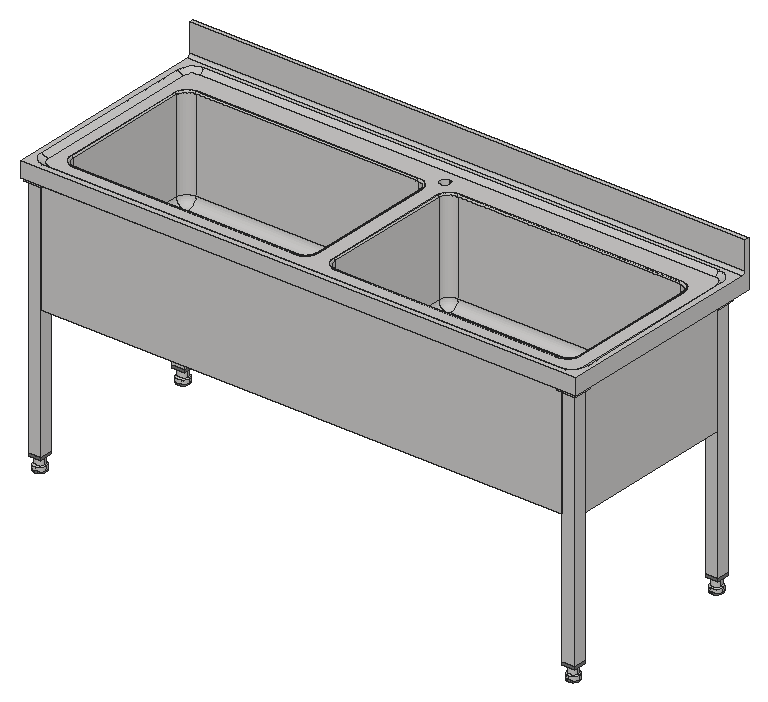
Revit family "QF_ZANUSSI_132816_VLP1802SPN", category Attrezzature speciali, Revit 2020
Family settings
  Quota connettore circolare = Usa diametro
  Tipo di parte = Normale
  Basato su piano di lavoro = No
  Sempre verticale = Sì
  Taglio con vuoti quando caricato = No
  Condiviso = No
  Punto di calcolo locali = No
Parameters (values of type "Standard")
  Weight = 72.00 kg
  Watts = 0 W
  Volts = 0 V
  URL Manufacturer = "http://www.zanussiprofessional.com"
  URL = "http://www.zanussiprofessional.com"
  Steam Supply Size = 0 mm
  Steam Supply Minimum Pressure = 0.0 Pa
  Steam Supply Maximum Pressure = 0.0 Pa
  Steam Consumption per Hour = 0
  Refrigeration Suction Line Size = 0.0 mm
  Refrigeration Liquid Line Size = 0.0 mm
  Refrigerant Compressor Remote = yes
  Prospetto di default = 0.0 mm
  Phase = 0
  Modello = "VLP1802SPN"
  Produttore = "Zanussi"
  Length Actual = 1800.0 mm  # constant formula
  Item Number = "132816"
  Hot Water Size = 0 mm
  Height Actual = 1000.0 mm  # constant formula
  HP = "0 HP"
  Gas Size = 0 mm
  Gas KW = 0
  Gas Input Pressure = 0 W
  Direct Waste Size = 50.8 mm
  Descrizione = "SOAKING SINK UNIT WITH 2 BOWLS (800X510X340MM), 1800MM"
  Depth Actual = 700.0 mm  # constant formula
  Cycle = 0 Hz
  Condensate Return Size = 0 mm
  Compressed Air Volume = 0.0 L/s
  Compressed Air Size = 0 mm
  Compressed Air Pressure = 0.0 Pa
  Cold Water Size = 0 mm
  Accessory = yes
Reference planes
  plane 1 "Center (Front/Back)": y = 0
  plane 2: z = 0
  plane 3 "LEFT": x = -1000
  plane 4 "RIGHT": x = 800
  plane 5 "BACK": y = 350
  plane 6 "FRONT": y = -350
  plane 7 "Base": z = 850
  plane 8 "TOP": z = 900
  plane 9 "Sink_Base": z = 608
  plane 10: z = 441
  plane 11 "PlaneGrid": z = 890
  plane 12: y = 246.5
  plane 13: y = 141
  plane 14 "Center (Left/Right)": x = -100
  plane 15: x = -205
  plane 16: x = 5
Forms (mm)
  Extrusion 1, solid, material "QF_Finishes_Stainless Steel"
    sketch origin (-100, 0, 0) x (0, 1, 0) y (0, 0, 1)
      loop
        line (-350, 850) -> (350, 850) -> (350, 1000) -> (337, 1000) -> (337, 910)
        arc (337, 910) -> (334.071, 902.929) -> (327, 900) r 10
        line (327, 900) -> (-350, 900) -> (-350, 850)
    from 900 to -900
  Extrusion 2, void
    sketch origin (-106.5, -23.5, 608) x (0, -1, 0) y (1, 0, 0)
      loop
        circle (-270, 6.5) r 16
    from 292 to 170.245
  Blend 3, void
    base sketch origin (0, 0, 900) x (0, 1, 0) y (-1, 0, 0)
      loop
        arc (312.89, 934.89) -> (298.832, 968.832) -> (264.89, 982.89) r 48
        line (264.89, 982.89) -> (-284.89, 982.89)
        arc (-284.89, 982.89) -> (-318.832, 968.832) -> (-332.89, 934.89) r 48
        line (-332.89, 934.89) -> (-332.89, -734.89)
        arc (-332.89, -734.89) -> (-318.832, -768.832) -> (-284.89, -782.89) r 48
        line (-284.89, -782.89) -> (264.89, -782.89)
        arc (264.89, -782.89) -> (298.832, -768.832) -> (312.89, -734.89) r 48
        line (312.89, -734.89) -> (312.89, 934.89)
    top sketch origin (0, 0, 900) x (0, 1, 0) y (-1, 0, 0)
      loop
        arc (-284.457, 964.457) -> (-305.67, 955.67) -> (-314.457, 934.457) r 30
        line (-314.457, 934.457) -> (-314.457, -734.985)
        arc (-314.457, -734.985) -> (-305.67, -756.198) -> (-284.457, -764.985) r 30
        line (-284.457, -764.985) -> (264.457, -764.985)
        arc (264.457, -764.985) -> (285.67, -756.198) -> (294.457, -734.985) r 30
        line (294.457, -734.985) -> (294.457, 934.457)
        arc (294.457, 934.457) -> (285.67, 955.67) -> (264.457, 964.457) r 30
        line (264.457, 964.457) -> (-284.457, 964.457)
    from 0 to -10
  Extrusion 4, void
    sketch origin (100, -25.02, 900) x (0, 1, 0) y (-1, 0, 0)
      loop
        arc (247.02, 986) -> (235.304, 1014.284) -> (207.02, 1026) r 40
        line (207.02, 1026) -> (-212.98, 1026)
        arc (-212.98, 1026) -> (-241.264, 1014.284) -> (-252.98, 986) r 40
        line (-252.98, 986) -> (-252.98, 264)
        arc (-252.98, 264) -> (-241.264, 235.716) -> (-212.98, 224) r 40
        line (-212.98, 224) -> (207.02, 224)
        arc (207.02, 224) -> (235.304, 235.716) -> (247.02, 264) r 40
        line (247.02, 264) -> (247.02, 986)
      loop
        line (-252.98, 136) -> (-252.98, -586)
        arc (-252.98, -586) -> (-241.264, -614.284) -> (-212.98, -626) r 40
        line (-212.98, -626) -> (207.02, -626)
        arc (207.02, -626) -> (235.304, -614.284) -> (247.02, -586) r 40
        line (247.02, -586) -> (247.02, 136)
        arc (247.02, 136) -> (235.304, 164.284) -> (207.02, 176) r 40
        line (207.02, 176) -> (-212.98, 176)
        arc (-212.98, 176) -> (-241.264, 164.284) -> (-252.98, 136) r 40
    from 63.904 to -121.755
Cuts and joins
  Extrusion 2, Blend 3, Extrusion 4 cuts Extrusion 1
Lines and regions (mm)
  symbolic lines
    curve 1: line (800, 350, 900) -> (-1000, 350, 900)
    curve 2: line (-1000, 350, 900) -> (-1000, -350, 900)
    curve 3: line (-1000, -350, 900) -> (800, -350, 900)
    curve 4: line (800, -350, 900) -> (800, 350, 900)
    curve 5: line (800, 337, 900) -> (-1000, 337, 900)
    curve 6: line (-982.89, -257.89, 900) -> (-982.89, 237.89, 900)
    curve 7: circle (-100, 246.5, 900) r 16 normal (0, 0, 1)
    curve 8: arc (-982.89, 264.89, 900) -> (-968.832, 298.832, 900) -> (-934.89, 312.89, 900) r 48
    curve 9: line (-934.89, 312.89, 900) -> (734.89, 312.89, 900)
    curve 10: line (-982.89, -284.89, 900) -> (-982.89, 264.89, 900)
    curve 11: arc (-934.89, -332.89, 900) -> (-968.832, -318.832, 900) -> (-982.89, -284.89, 900) r 48
    curve 12: line (734.89, -332.89, 900) -> (-934.89, -332.89, 900)
    curve 13: arc (782.89, -284.89, 900) -> (768.832, -318.832, 900) -> (734.89, -332.89, 900) r 48
    curve 14: line (782.89, 264.89, 900) -> (782.89, -284.89, 900)
    curve 15: arc (734.89, 312.89, 900) -> (768.832, 298.832, 900) -> (782.89, 264.89, 900) r 48
    curve 16: line (764.985, -284.457, 900) -> (764.985, 264.457, 900)
    curve 17: arc (764.985, 264.457, 900) -> (756.198, 285.67, 900) -> (734.985, 294.457, 900) r 30
    curve 18: line (734.985, 294.457, 900) -> (-934.457, 294.457, 900)
    curve 19: arc (-934.457, 294.457, 900) -> (-955.67, 285.67, 900) -> (-964.457, 264.457, 900) r 30
    curve 20: line (-964.457, 264.457, 900) -> (-964.457, -284.457, 900)
    curve 21: arc (-964.457, -284.457, 900) -> (-955.67, -305.67, 900) -> (-934.457, -314.457, 900) r 30
    curve 22: line (-934.457, -314.457, 900) -> (734.985, -314.457, 900)
    curve 23: arc (734.985, -314.457, 900) -> (756.198, -305.67, 900) -> (764.985, -284.457, 900) r 30
Dimensions and locks
  plane 3 "LEFT" to plane 4 "RIGHT" = 1800.0 mm  (x2)
  locked: plane 7 "Base" to level at 850
  locked: Extrusion 1 to level at 1000
  plane 8 "TOP" to level = 900.0 mm
  plane 5 "BACK" to plane 6 "FRONT" = 700.0 mm
  equal spacing: plane 5 "BACK", plane 1 "Center (Front/Back)", plane 6 "FRONT"
  plane 9 "Sink_Base" to level = 608.0 mm
  plane 10 to level = 441.0 mm
  locked: plane 5 "BACK" to plane 13 at 209
  aligned and locked: level to plane 2
  aligned and locked: curve 2 to plane 3 "LEFT"
Automatic sketch dimensions
  plane 6 "FRONT" to Blend 3 sketch curve = 17.11 mm
  Blend 3 sketch curve to Blend 3 sketch curve = 48.0 mm  (x3)
  plane 3 "LEFT" to Blend 3 sketch curve = 17.11 mm
  plane 6 "FRONT" to Blend 3 sketch curve = 65.11 mm
  Blend 3 sketch curve to plane 5 "BACK" = 37.11 mm
  Blend 3 sketch curve to plane 4 "RIGHT" = 65.11 mm
  curve 3 to plane 4 "RIGHT" = 0.0 mm
  curve 3 to plane 6 "FRONT" = 0.0 mm
  curve 4 to plane 5 "BACK" = 0.0 mm
  curve 5 to plane 5 "BACK" = 13.0 mm
  plane 6 "FRONT" to curve 6 = 92.11 mm
  plane 3 "LEFT" to curve 6 = 17.11 mm
  plane 6 "FRONT" to Blend 3 sketch curve = 35.543 mm
  Blend 3 sketch curve to Blend 3 sketch curve = 30.0 mm  (x3)
  Blend 3 sketch curve to plane 4 "RIGHT" = 35.015 mm
  plane 3 "LEFT" to Blend 3 sketch curve = 65.543 mm
  curve 9 to plane 5 "BACK" = 37.11 mm
  curve 8 to curve 6 = 48.0 mm
  curve 10 to curve 6 = 27.0 mm
  curve 11 to curve 11 = 48.0 mm
  curve 12 to plane 4 "RIGHT" = 65.11 mm
  curve 13 to curve 13 = 48.0 mm
  curve 15 to curve 16 = 17.905 mm
  curve 17 to curve 15 = 0.095 mm
  curve 13 to curve 16 = 0.433 mm
  curve 18 to curve 8 = 0.433 mm
  curve 19 to curve 8 = 0.433 mm
  curve 11 to curve 20 = 0.433 mm
  curve 21 to curve 11 = 0.433 mm
  curve 22 to curve 13 = 0.095 mm
  plane 6 "FRONT" to Extrusion 4 sketch curve = 72.0 mm  (x2)
  Extrusion 4 sketch curve to Extrusion 4 sketch curve = 40.0 mm  (x5)
  Extrusion 4 sketch curve to Extrusion 4 sketch curve = 0.0 mm  (x2)
  Extrusion 4 sketch curve to plane 4 "RIGHT" = 114.0 mm
  plane 3 "LEFT" to Extrusion 4 sketch curve = 114.0 mm
  curve 19 to curve 18 = 30.0 mm
  curve 17 to curve 17 = 30.0 mm
  curve 7 to plane 5 "BACK" = 103.5 mm
  curve 6 to curve 8 = 27.0 mm
  Extrusion 2 sketch curve to plane 5 "BACK" = 103.5 mm
  Blend 3 sketch curve to plane 5 "BACK" = 85.543 mm  (x2)
  Extrusion 4 sketch curve to plane 12 = 64.5 mm  (x3)
  Extrusion 4 sketch curve to Extrusion 4 sketch curve = 48.0 mm
  curve 15 to curve 7 = 834.89 mm
  Extrusion 2 sketch curve to plane 4 "RIGHT" = 900.0 mm
  Extrusion 4 sketch curve to plane 4 "RIGHT" = 836.0 mm
  Extrusion 1 sketch curve to plane 6 "FRONT" = 0.0 mm
  Extrusion 1 sketch curve to plane 8 "TOP" = 0.0 mm
  Extrusion 1 sketch curve to plane 5 "BACK" = 0.0 mm
  Extrusion 1 sketch curve to plane 7 "Base" = 0.0 mm
  plane 8 "TOP" to Extrusion 1 sketch curve = 10.0 mm
  Extrusion 1 sketch curve to plane 5 "BACK" = 23.0 mm
  Extrusion 1 sketch curve to Extrusion 1 sketch curve = 90.0 mm
  radius of Extrusion 2 sketch curve = 16.0 mm
  radius of curve 7 = 16.0 mm
Nested families
  nested 1: "SINK_Vasca80x50_T3_DEEP" at (-524.949, -28, 0), type "SINK_Vasca80x50_T3_DEEP"
  nested 2: "SINK_Vasca80x50_T3_DEEP" at (324.949, -28, 0) x (-1, 0, 0) z (0, 0, 1), type "SINK_Vasca80x50_T3_DEEP"
  nested 3: "TAV_W1800_CASSH" at (-250, 0, 0), type "TAV_W1800_CASSH"
Connectors
  piping at (-205, 141, 528.5), diameter 30
    settings: on nested 1, index 1, connector inside diameter 609.6 mm, connector length 0.0 mm, flow factor 0, pipe flow 0.0 L/s, pressure drop 0.0 Pa, fitting loss kfactor 0, connector angle 0.00°, fixture units 0, engagement length 0.0 mm, angle of deflection 0.00°, flow configuration 1, flow direction 2, fitting loss method 0, system type 16, joint type 0, gender type 0, connector reference index -1, connector utility 0, adjustable connector no, is connector primary yes, connector description "Drain 1"
  piping at (5, 141, 528.5), diameter 30
    settings: on nested 2, index 2, connector inside diameter 609.6 mm, connector length 0.0 mm, flow factor 0, pipe flow 0.0 L/s, pressure drop 0.0 Pa, fitting loss kfactor 0, connector angle 0.00°, fixture units 0, engagement length 0.0 mm, angle of deflection 0.00°, flow configuration 1, flow direction 2, fitting loss method 0, system type 16, joint type 0, gender type 0, connector reference index -1, connector utility 0, adjustable connector no, is connector primary no, connector description "Drain 2"
Definition of nested family "SINK_Vasca80x50_T3_DEEP"
  Parameters
    Width = 800.0 mm
    ScaricoY = 80.0 mm
    ScaricoX = 80.0 mm
    Default Elevation = 0.0 mm
    Height_Top = 900.0 mm
    FEET = 850.0 mm
    Depth = 500.0 mm
  Reference planes
    plane 1 "Center (Front/Back)": y = 0
    plane 2: z = 0
    plane 3 "Center (Left/Right)": x = 0
    plane 4 "Top": z = 900
    plane 5 "Left": x = -400
    plane 6 "Right": x = 400
    plane 7 "Back": y = 250
    plane 8 "Front": y = -250
    plane 9 "BaseVasca": z = 558
    plane 10: y = 169
    plane 11: x = 319.949
  Forms (mm)
    Sweep 1, solid
      path origin (1.49, 0, 900) x (-1, 0, 0) y (0, -1, 0)
        loop
          line (-398.51, 210) -> (-398.51, -210)
          arc (-398.51, -210) -> (-386.794, -238.284) -> (-358.51, -250) r 40
          line (-358.51, -250) -> (360.416, -250)
          arc (360.416, -250) -> (389.46, -237.97) -> (401.49, -208.926) r 41.074
          line (401.49, -208.926) -> (401.49, 209.721)
          arc (401.49, 209.721) -> (389.693, 238.203) -> (361.211, 250) r 40.279
          line (361.211, 250) -> (-358.51, 250)
          arc (-358.51, 250) -> (-386.794, 238.284) -> (-398.51, 210) r 40
      profile origin (400, 0, 900) x (-1, 0, 0) y (0, 0, 1)
        loop
          arc (5, -15) -> (3.536, -11.464) -> (0, -10) r 5
          line (0, -10) -> (0, -11.5)
          arc (0, -11.5) -> (2.475, -12.525) -> (3.5, -15) r 3.5
          line (3.5, -15) -> (3.5, -310.5)
          arc (3.5, -310.5) -> (12.726, -332.774) -> (35, -342) r 31.5
          line (35, -342) -> (35, -340.5)
          arc (35, -340.5) -> (13.787, -331.713) -> (5, -310.5) r 30
          line (5, -310.5) -> (5, -15)
    Revolve 2, solid
      sketch origin (319.949, -10, 0) x (0, 1, 0) y (0, 0, 1)
        loop
          line (195.5, 542.617) -> (207.058, 549.84) -> (207.058, 558) -> (205.558, 558) -> (205.558, 550.671) -> (194, 543.449) -> (194, 528.5) -> (195.5, 528.5) -> (195.5, 542.617)
        axis (179, 558) -> (179, 528.5)
      angle from 0 to 360
    Extrusion 3, solid
      sketch origin (49, 0, 558) x (0, -1, 0) y (1, 0, 0)
        loop
          line (-215, 311) -> (-215, -407.926)
          arc (-215, -407.926) -> (-213.221, -412.221) -> (-208.926, -414) r 6.074
          line (-208.926, -414) -> (209.721, -414)
          arc (209.721, -414) -> (213.454, -412.454) -> (215, -408.721) r 5.279
          line (215, -408.721) -> (215, 311)
          arc (215, 311) -> (213.536, 314.536) -> (210, 316) r 5
          line (210, 316) -> (-210, 316)
          arc (-210, 316) -> (-213.536, 314.536) -> (-215, 311) r 5
      from 0 to 1.5
    Extrusion 4, void
      sketch origin (0, 0, 558) x (0, -1, 0) y (1, 0, 0)
        loop
          circle (-169, 319.949) r 28
      from -140.513 to 32.144
  Cuts and joins
    Extrusion 4 cuts Sweep 1
    Extrusion 4 cuts Extrusion 3
    joined: Sweep 1, Extrusion 3
  Lines and regions (mm)
    symbolic lines
      curve 1: circle (319.949, 169.058, 0) r 16.5 normal (0, 0, -1)
      curve 2: arc (-360, 250, 0) -> (-388.284, 238.284, 0) -> (-400, 210, 0) r 40
      curve 3: arc (-400, -210, 0) -> (-388.284, -238.284, 0) -> (-360, -250, 0) r 40
      curve 4: line (-400, 210, 0) -> (-400, -210, 0)
      curve 5: line (-360, -250, 0) -> (360, -250, 0)
      curve 6: line (360, 250, 0) -> (-360, 250, 0)
      curve 7: arc (360, -250, 0) -> (388.284, -238.284, 0) -> (400, -210, 0) r 40
      curve 8: arc (400, 210, 0) -> (388.284, 238.284, 0) -> (360, 250, 0) r 40
      curve 9: line (400, 210, 0) -> (400, -210, 0)
  Dimensions and locks
    equal spacing: plane 5 "Left", plane 3 "Center (Left/Right)", plane 6 "Right"
    "Width": plane 5 "Left" to plane 6 "Right"
    equal spacing: plane 7 "Back", plane 1 "Center (Front/Back)", plane 8 "Front"
    "Depth": plane 7 "Back" to plane 8 "Front"
    "Height_Top": plane 4 "Top" to level
    plane 9 "BaseVasca" to level = 558.0 mm
    aligned and locked: level to plane 2
  Automatic sketch dimensions
    curve 4 to plane 5 "Left" = 0.0 mm
    curve 6 to plane 7 "Back" = 0.0 mm
    curve 3 to plane 8 "Front" = 0.0 mm
    curve 1 to plane 11 = 0.0 mm
    curve 7 to plane 6 "Right" = 0.0 mm
    curve 4 to curve 3 = 40.0 mm
    plane 5 "Left" to curve 6 = 40.0 mm
    curve 6 to plane 6 "Right" = 40.0 mm
    curve 5 to plane 6 "Right" = 40.0 mm
    plane 10 to curve 1 = 0.058 mm
    Sweep 1 sketch curve to plane 6 "Right" = 0.0 mm
    Sweep 1 sketch curve to plane 8 "Front" = 0.0 mm
    Sweep 1 sketch curve to plane 7 "Back" = 0.0 mm
    Sweep 1 sketch curve to plane 5 "Left" = 0.0 mm
    Sweep 1 sketch curve to Sweep 1 sketch curve = 40.0 mm  (x2)
    plane 10 to Sweep 1 sketch curve = 39.926 mm
    plane 5 "Left" to Sweep 1 sketch curve = 40.279 mm
    Sweep 1 sketch curve to Sweep 1 sketch curve = 0.0 mm  (x4)
    Sweep 1 sketch curve to profile plane = 0.0 mm
    Sweep 1 sketch curve to profile plane = 3.5 mm
    Sweep 1 sketch curve to Sweep 1 sketch curve = 1.5 mm
    Sweep 1 sketch curve to Sweep 1 sketch curve = 30.0 mm
    Sweep 1 sketch curve to plane 4 "Top" = 342.0 mm
    Sweep 1 sketch curve to plane 4 "Top" = 15.0 mm
    Revolve 2 sketch curve to plane 10 = 0.0 mm
    plane 9 "BaseVasca" to Revolve 2 sketch curve = 0.0 mm
    plane 10 to Revolve 2 sketch curve = 15.0 mm
    Revolve 2 sketch curve to Revolve 2 sketch curve = 1.5 mm  (x2)
    Revolve 2 sketch curve to Revolve 2 sketch curve = 10.058 mm
    plane 9 "BaseVasca" to Revolve 2 sketch curve = 7.329 mm
    Revolve 2 sketch curve to Revolve 2 sketch curve = 0.831 mm  (x2)
    Revolve 2 sketch curve to Revolve 2 sketch curve = 7.222 mm
    Revolve 2 sketch curve to Revolve 2 sketch curve = 14.117 mm
    Revolve 2 sketch curve to Revolve 2 sketch curve = 22.0 mm
    Revolve 2 sketch curve to plane 9 "BaseVasca" = 88.5 mm
    Extrusion 4 sketch curve to plane 10 = 0.0 mm
    Extrusion 4 sketch curve to plane 11 = 0.0 mm
    Extrusion 3 sketch curve to plane 7 "Back" = 35.0 mm
    Extrusion 3 sketch curve to Extrusion 3 sketch curve = 6.074 mm
    plane 5 "Left" to Extrusion 3 sketch curve = 35.0 mm
    Extrusion 3 sketch curve to Extrusion 3 sketch curve = 5.0 mm
    plane 8 "Front" to Extrusion 3 sketch curve = 40.0 mm
    Extrusion 3 sketch curve to Extrusion 3 sketch curve = 5.279 mm
    Extrusion 3 sketch curve to plane 6 "Right" = 40.0 mm  (x2)
    radius of curve 1 = 16.5 mm
    radius of Extrusion 4 sketch curve = 28.0 mm
Definition of nested family "TAV_W1800_CASSH"
  Parameters
    Default Elevation = 0.0 mm
    Model = "TAV_W1800_CASSH"
    Manufacturer = "Electrolux Professional"
    Description = ""
  Reference planes
    plane 1 "Center (Front/Back)": y = 0
    plane 2: z = 0
    plane 3 "Center (Left/Right)": x = 150
    plane 4 "LEFT": x = -750
    plane 5 "RIGHT": x = 1050
    plane 6 "BACK": y = 350
    plane 7 "FRONT": y = -350
    plane 8 "Base": z = 850
    plane 9 "TOP": z = 900
    plane 10: x = -714.5
    plane 11: x = 1014.5
    plane 12: y = 265.5
    plane 13: y = -314.5
    plane 14: x = -694.5
    plane 15: x = 994.5
    plane 16 "RIPIANO": z = 200
  Forms (mm)
    Extrusion 1, solid
      sketch origin (0, 0.5, 850) x (0, 1, 0) y (-1, 0, 0)
        loop
          line (245, 734.5) -> (-295, 734.5) -> (-295, 733) -> (245, 733) -> (245, 734.5)
        loop
          line (-295, -1034.5) -> (285, -1034.5) -> (285, -1033) -> (-295, -1033) -> (-295, -1034.5)
        loop
          line (-335, 694.5) -> (-335, -994.5) -> (-333.5, -994.5) -> (-333.5, 694.5) -> (-335, 694.5)
      from -10 to -370
    Extrusion 2, solid
      sketch origin (-4.534, 0, 850) x (0, 1, 0) y (-1, 0, 0)
        loop
          line (235.5, 729.966) -> (-284.5, 729.966) -> (-284.5, 689.966) -> (235.5, 689.966) -> (235.5, 729.966)
        loop
          line (-334.506, 679.966) -> (-334.506, -989.034) -> (-294.506, -989.034) -> (-294.506, 679.966) -> (-334.506, 679.966)
        loop
          line (-284.5, -1039.034) -> (235.5, -1039.034) -> (235.5, -999.034) -> (-284.5, -999.034) -> (-284.5, -1039.034)
        loop
          line (285.5, 679.966) -> (245.5, 679.966) -> (245.5, -989.034) -> (285.5, -989.034) -> (285.5, 679.966)
      from 0 to -10
  Lines and regions (mm)
    symbolic lines, detail levels coarse
      curve 1: line (-750, 350, 200) -> (1050, 350, 200)
      curve 2: line (-750, -350, 200) -> (-750, 350, 200)
      curve 3: line (1050, -350, 200) -> (-750, -350, 200)
      curve 4: line (1050, 350, 200) -> (1050, -350, 200)
  Dimensions and locks
    plane 4 "LEFT" to plane 5 "RIGHT" = 1800.0 mm
    equal spacing: plane 4 "LEFT", plane 3 "Center (Left/Right)", plane 5 "RIGHT"
    locked: plane 8 "Base" to level at 850
    plane 4 "LEFT" to plane 10 = 35.5 mm
    plane 11 to plane 5 "RIGHT" = 35.5 mm
    plane 10 to plane 11 = 1729.0 mm
    plane 9 "TOP" to level = 900.0 mm
    plane 6 "BACK" to plane 12 = 84.5 mm
    plane 13 to plane 7 "FRONT" = 35.5 mm
    plane 6 "BACK" to plane 7 "FRONT" = 700.0 mm
    plane 12 to plane 13 = 580.0 mm
    equal spacing: plane 6 "BACK", plane 1 "Center (Front/Back)", plane 7 "FRONT"
    locked: plane 14 to plane 4 "LEFT" at 55.5
    locked: plane 5 "RIGHT" to plane 15 at 55.5
    plane 16 "RIPIANO" to level = 200.0 mm
    plane 2 to plane 16 "RIPIANO" to plane 8 "Base" = 200.0 mm, 650.0 mm
    aligned and locked: level to plane 2
    aligned and locked: plane 10 to nested 1
    aligned and locked: nested 1 to plane 13
    aligned and locked: plane 11 to nested 2
    aligned and locked: nested 2 to plane 13
    aligned and locked: plane 11 to nested 4
    aligned and locked: nested 4 to plane 12
    aligned and locked: plane 10 to nested 3
    aligned and locked: nested 3 to plane 12
    aligned and locked: plane 14 to Extrusion 1 sketch curve
    aligned and locked: Extrusion 1 sketch curve to plane 15
    aligned and locked: Extrusion 1 to Extrusion 2
  Automatic sketch dimensions
    plane 7 "FRONT" to Extrusion 1 sketch curve = 15.5 mm
    plane 13 to Extrusion 1 sketch curve = 20.0 mm  (x2)
    plane 4 "LEFT" to Extrusion 1 sketch curve = 15.5 mm
    Extrusion 1 sketch curve to plane 5 "RIGHT" = 15.5 mm
    Extrusion 1 sketch curve to Extrusion 1 sketch curve = 1.5 mm  (x3)
    Extrusion 1 sketch curve to plane 6 "BACK" = 104.5 mm
    Extrusion 1 sketch curve to plane 6 "BACK" = 64.5 mm
    plane 15 to Extrusion 2 sketch curve = 10.0 mm  (x2)
    plane 7 "FRONT" to Extrusion 2 sketch curve = 15.494 mm
    plane 13 to Extrusion 2 sketch curve = 19.994 mm
    Extrusion 2 sketch curve to plane 5 "RIGHT" = 15.5 mm
    plane 13 to Extrusion 2 sketch curve = 30.0 mm  (x2)
    Extrusion 2 sketch curve to plane 14 = 0.0 mm
    Extrusion 2 sketch curve to plane 12 = 30.0 mm  (x2)
    Extrusion 2 sketch curve to plane 12 = 20.0 mm
    plane 12 to Extrusion 2 sketch curve = 20.0 mm
    Extrusion 2 sketch curve to plane 15 = 0.0 mm
    Extrusion 2 sketch curve to plane 14 = 10.0 mm  (x2)
    Extrusion 2 sketch curve to plane 10 = 20.0 mm
    curve 3 to plane 4 "LEFT" = 0.0 mm
    curve 3 to plane 7 "FRONT" = 0.0 mm
    curve 2 to plane 6 "BACK" = 0.0 mm
    curve 1 to plane 5 "RIGHT" = 0.0 mm
  Nested families
    nested 1: "FEET_40x40_TAV" at (-714.5, -314.5, 0), type "FEET_40x40_TAV"
    nested 2: "FEET_40x40_TAV" at (1014.5, -314.5, 0), type "FEET_40x40_TAV"
    nested 3: "FEET_40x40_TAV" at (-714.5, 265.5, 0), type "FEET_40x40_TAV"
    nested 4: "FEET_40x40_TAV" at (1014.5, 265.5, 0), type "FEET_40x40_TAV"
  Definition of nested family "FEET_40x40_TAV"
    Parameters
      Default Elevation = 0.0 mm
      FEET = 850.0 mm
    Reference planes
      plane 1 "Center (Front/Back)": y = 0
      plane 2: z = 0
      plane 3 "Center (Left/Right)": x = 0
      plane 4: z = 850
    Forms (mm)
      Extrusion 1, solid
        sketch origin (0, 0, 0) x (1, 0, 0) y (0, 1, 0)
          loop
            line (-20, -20) -> (20, -20) -> (20, 20) -> (-20, 20) -> (-20, -20)
        from 50 to 840
      Extrusion 2, solid
        sketch origin (0, 0, 0) x (1, 0, 0) y (0, 1, 0)
          loop
            circle (0, 0) r 20
        from 0 to 5
      Extrusion 3, solid
        sketch origin (0, 0, 0) x (1, 0, 0) y (0, 1, 0)
          loop
            line (30, 30) -> (-30, 30) -> (-30, -30) -> (30, -30) -> (30, 30)
        from 840 to 850
      Extrusion 4, solid
        sketch origin (0, 0, 0) x (1, 0, 0) y (0, 1, 0)
          loop
            line (-20, -20) -> (20, -20) -> (20, 20) -> (-20, 20) -> (-20, -20)
        from 50 to 42
      Revolve 5, solid
        sketch origin (0, 0, 0) x (1, 0, 0) y (0, 0, 1)
          loop
            line (0, 42) -> (-15, 42) -> (-15, 20) -> (-20, 15) -> (-20, 5) -> (0, 5) -> (0, 42)
          axis (0, 42) -> (0, 5)
        angle from 0 to 360
    Lines and regions (mm)
      symbolic lines
        curve 1: line (0, -1.503, 0) -> (0, 1.508, 0)
        curve 2: line (1.561, 0, 0) -> (-1.439, 0, 0)
    Dimensions and locks
      "FEET": plane 4 to plane 2
      aligned and locked: level to plane 2
    Automatic sketch dimensions
      plane 1 "Center (Front/Back)" to curve 2 = 0.0 mm
      curve 1 to plane 3 "Center (Left/Right)" = 0.0 mm
      curve 2 to plane 3 "Center (Left/Right)" = 1.439 mm
      plane 3 "Center (Left/Right)" to curve 2 = 1.561 mm
      plane 1 "Center (Front/Back)" to curve 1 = 1.503 mm
      curve 1 to plane 1 "Center (Front/Back)" = 1.508 mm
      Extrusion 1 sketch curve to plane 3 "Center (Left/Right)" = 20.0 mm
      plane 3 "Center (Left/Right)" to Extrusion 1 sketch curve = 20.0 mm
      plane 1 "Center (Front/Back)" to Extrusion 1 sketch curve = 20.0 mm
      Extrusion 1 sketch curve to plane 1 "Center (Front/Back)" = 20.0 mm
      plane 1 "Center (Front/Back)" to Extrusion 2 sketch curve = 0.0 mm
      Extrusion 2 sketch curve to plane 3 "Center (Left/Right)" = 0.0 mm
      Extrusion 3 sketch curve to plane 3 "Center (Left/Right)" = 30.0 mm
      plane 3 "Center (Left/Right)" to Extrusion 3 sketch curve = 30.0 mm
      plane 1 "Center (Front/Back)" to Extrusion 3 sketch curve = 30.0 mm
      Extrusion 3 sketch curve to plane 1 "Center (Front/Back)" = 30.0 mm
      Extrusion 4 sketch curve to plane 3 "Center (Left/Right)" = 20.0 mm
      plane 3 "Center (Left/Right)" to Extrusion 4 sketch curve = 20.0 mm
      plane 1 "Center (Front/Back)" to Extrusion 4 sketch curve = 20.0 mm
      Extrusion 4 sketch curve to plane 1 "Center (Front/Back)" = 20.0 mm
      Revolve 5 sketch curve to plane 3 "Center (Left/Right)" = 0.0 mm  (x2)
      Revolve 5 sketch curve to plane 3 "Center (Left/Right)" = 15.0 mm
      Revolve 5 sketch curve to Revolve 5 sketch curve = 5.0 mm  (x3)
      level to Revolve 5 sketch curve = 5.0 mm
      Revolve 5 sketch curve to Revolve 5 sketch curve = 10.0 mm
      Revolve 5 sketch curve to Revolve 5 sketch curve = 22.0 mm
      Revolve 5 sketch curve to level = 9.561 mm
      radius of Extrusion 2 sketch curve = 20.0 mm
